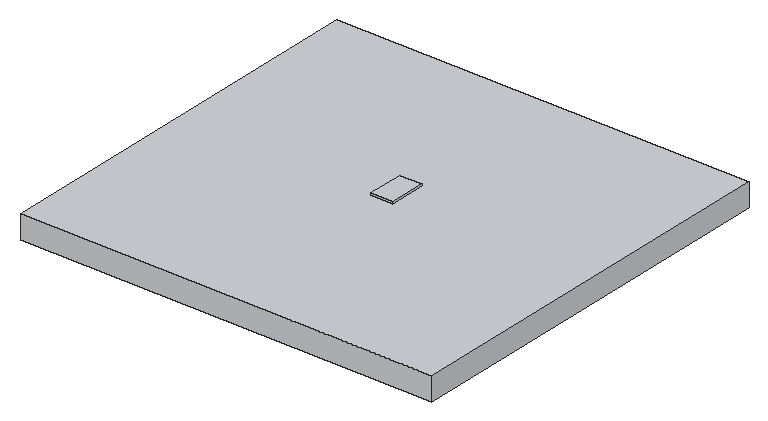
Revit family "M_Tomada dupla - Chaveamento superior", category Iluminação elétrica, Revit 2019
Family settings
  Hospedeiro = Face
  Manter orientação da anotação = Sim
  Cota do conector redondo = Utilizar diâmetro
  Tipo de parte = Normal
  Número OmniClass = 23.80.50.11.17
  Título OmniClass = Ground Fault Receptacles
  ID de item do Seek = Duplex Receptacle - Top Switched-0000-CAN-ENU
  Corte com vazios quando carregada = Não
  Compartilhado = Não
  Ponto de cálculo do ambiente = Não
Parameters (values of type "Padrão")
  Voltagem do interruptor = 120 V
  Classificação de carga = Receptáculo
  Carga = 180 VA
  Elevação-padrão = 460 mm
  Assembly Code = ""
Reference planes
  plane 1 "Centro (Frente/Trás)": y = 0
  plane 2: z = 0
  plane 3 "Centro (Esquerda/Direita)": x = 0
  plane 4: x = -34.925
  plane 5: x = 34.925
  plane 6: x = -19.05
  plane 7: x = 19.05
  plane 8: y = 57.15
  plane 9: y = -57.15
  plane 10: y = 38.1
  plane 11: y = -38.1
  plane 12 "nível acima": z = 4.762
  plane 13 "nível abaixo": z = -53.975
Forms (mm)
  Extrusion 1, solid
    sketch origin (0, 0, 0) x (1, 0, 0) y (0, 1, 0)
      loop
        line (-644.525, 571.5) -> (-644.525, -666.75) -> (644.525, -666.75) -> (644.525, 571.5) -> (-644.525, 571.5)
    from 0 to -72.672
  Extrusion 2, solid
    sketch origin (0, 0, 0) x (1, 0, 0) y (0, 1, 0)
      loop
        line (-34.925, 57.15) -> (-34.925, -57.15) -> (34.925, -57.15) -> (34.925, 57.15) -> (-34.925, 57.15)
    from 0 to 4.762
  Extrusion 3, solid
    sketch origin (0, 0, 0) x (1, 0, 0) y (0, 1, 0)
      loop
        line (-19.05, 38.1) -> (-19.05, -38.1) -> (19.05, -38.1) -> (19.05, 38.1) -> (-19.05, 38.1)
    from 0 to -53.975
Lines and regions (mm)
  symbolic lines, detail levels fine
    curve 1: line (34.925, 0, 0) -> (-34.925, 0, 0)
    curve 2: line (34.925, 0, 4.762) -> (34.925, 0, 0)
    curve 3: line (-34.925, 0, 4.762) -> (34.925, 0, 4.762)
    curve 4: line (-34.925, 0, 0) -> (-34.925, 0, 4.762)
    curve 5: line (19.05, 0, -53.975) -> (-19.05, 0, -53.975)
    curve 6: line (19.05, 0, 0) -> (19.05, 0, -53.975)
    curve 7: line (-19.05, 0, -53.975) -> (-19.05, 0, 0)
Dimensions and locks
  equal spacing: plane 6, plane 3 "Centro (Esquerda/Direita)", plane 7, locked at 19.05 each
  locked: plane 6 to plane 7 at 38.1
  equal spacing: plane 4, plane 3 "Centro (Esquerda/Direita)", plane 5, locked at 34.925 each
  locked: plane 4 to plane 5 at 69.85
  locked: plane 8 to plane 9 at 114.3
  locked: plane 12 "nível acima" to level at 4.763
  locked: level to plane 13 "nível abaixo" at 53.975
  locked: plane 10 to plane 11 at 76.2
  equal spacing: plane 10, plane 1 "Centro (Frente/Trás)", plane 11, locked at 38.1 each
  equal spacing: plane 8, plane 1 "Centro (Frente/Trás)", plane 9, locked at 57.15 each
  aligned and locked: plane 2 to Extrusion 1
  aligned and locked: level to Extrusion 1
  aligned and locked: plane 8 to Extrusion 2
  aligned and locked: Extrusion 2 to plane 9
  aligned and locked: plane 5 to Extrusion 2
  aligned and locked: Extrusion 2 to plane 4
  aligned and locked: Extrusion 2 to level
  aligned and locked: plane 12 "nível acima" to Extrusion 2
  aligned and locked: plane 10 to Extrusion 3
  aligned and locked: Extrusion 3 to plane 6
  aligned and locked: plane 7 to Extrusion 3
  aligned and locked: Extrusion 3 to plane 11
  aligned and locked: Extrusion 3 to level
  aligned and locked: Extrusion 3 to plane 13 "nível abaixo"
  aligned and locked: curve 4 to plane 4
  aligned and locked: plane 5 to curve 2
  aligned and locked: curve 3 to plane 12 "nível acima"
  aligned and locked: plane 2 to curve 1
  aligned and locked: curve 7 to plane 6
  aligned and locked: plane 7 to curve 6
  aligned and locked: plane 13 "nível abaixo" to curve 5
  aligned and locked: plane 1 "Centro (Frente/Trás)" to nested 1
  aligned and locked: plane 3 "Centro (Esquerda/Direita)" to nested 1
Automatic sketch dimensions
  Extrusion 2 sketch curve to plane 4 = 0 mm
  Extrusion 2 sketch curve to plane 5 = 0 mm
  Extrusion 2 sketch curve to plane 9 = 0 mm
  Extrusion 2 sketch curve to plane 8 = 0 mm
  Extrusion 3 sketch curve to plane 6 = 0 mm
  Extrusion 3 sketch curve to plane 7 = 0 mm
  Extrusion 3 sketch curve to plane 11 = 0 mm
  Extrusion 3 sketch curve to plane 10 = 0 mm
  Extrusion 1 sketch curve to Extrusion 1 sketch curve = 1289.05 mm
  Extrusion 1 sketch curve to Extrusion 1 sketch curve = 1238.25 mm
Nested families
  nested 1: "M_Anotação de tomada 2" at (0, 0, 0), type "Anotação de tomada 2", detail levels coarse+medium
Connectors
  electrical at (0, 38.1, -26.988), driven by "Voltagem do interruptor", driven by "Carga", driven by "Classificação de carga"
    settings: on Extrusion 3, index 1, voltage 120 V, apparent load 0 VA, apparent load phase1 180 VA, apparent load phase2 0 VA, apparent load phase3 0 VA, power factor 1, load classification "Receptáculo", number of poles 1, system type 31, power factor state 1, is connector primary yes, connector utility no, sub classification motor no, connector description ""
Definition of nested family "M_Anotação de tomada 2"
  Parameters
    Anotação de legenda = ""
  Reference planes
    plane 1: y = 0
    plane 2: x = 0
  Lines and regions (mm)
    Filled region 1, type "Região preenchida 1"
      outline origin (0, 0, 0) x (1, 0, 0) y (0, 1, 0)
        loop
          arc (-0.397, 4.712) -> (-1.588, 3.175) -> (-0.397, 1.638) r 1.588
          line (-0.397, 1.638) -> (-0.397, 4.712)
    reference lines
      curve 1: line (-14.331, 3.175, 0) -> (15.536, 3.175, 0)
    detail lines
      curve 2: circle (0, 3.175, 0) r 1.588 normal (0, 0, 1)
      curve 3: line (-0.397, 4.712, 0) -> (-0.397, 0, 0)
      curve 4: line (0.397, 4.712, 0) -> (0.397, 0, 0)
  Dimensions and locks
    locked: plane 1 to curve 1 at 3.175
    locked: curve 3 to plane 2 at 0.397
    locked: plane 2 to curve 4 at 0.397
    radius of curve 2 = 1.588 mm
    aligned and locked: curve 1 to curve 2
    aligned and locked: plane 2 to curve 2
    aligned and locked: plane 1 to curve 4
